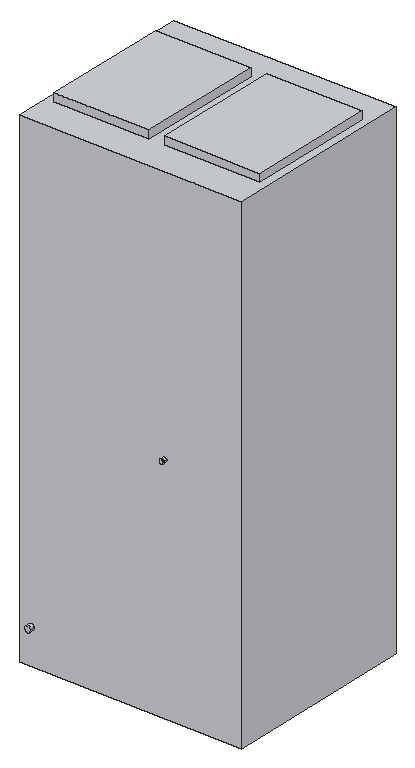
Revit family "HVAC_SPVU_AlliedAir_MGE4", category Mechanical Equipment, Revit 2018
Family settings
  Round Connector Dimension = Use Radius
  Part Type = Normal
  OmniClass Number = 23.75.00.00
  OmniClass Title = Climate Control (HVAC)
  Work Plane-Based = Yes
  Always vertical = Yes
  Cut with Voids When Loaded = No
  Shared = No
  Room Calculation Point = No
Parameters
  gasrad [instance] = Gas Connection Diameter / 2  # 0' - 0 1/4"
  exhaustrad = Exhaust Air Diameter / 2  # 0' - 1 1/4"
  drainrad = Condensate Connection Diameter / 2  # 0' - 0 3/8"
  Warranty Duration (Years) = 0
  Voltage Range = "as Specified"
  Unit Width = 2' - 4"
  Unit Weight = 0
  Unit Height = 4' - 9 7/8"
  Unit Depth = 2' - 0 1/4"
  URL = "http://www.magic-pak.com/"
  Temperature Rise Range = "as Specified"
  Standards Conformance = "as Specified"
  Specification = "http://www.arcat.com/sdspecs/htm/15700aae.htm"
  SpecWizard = ""
  Sound Pressure = "as Specified"
  Send Message = "http://www.arcat.com/users.pl?action=UserEmail&amp;company=Magic-Pak&amp;coid=46691&amp;rep=141&amp;fax=&amp;mf=95"
  Sales Information = "http://www.magic-pak.com/contact.php"
  Revision = "R2_2015-02"
  Refrigerant Used = "R410A"
  Product Properties = ""
  Product Data = "http://www.arcat.com/arcatcos/cos9546/arc46691.html"
  Platform Height [instance] = 0' - 4"
  Piping_Max Operating Pressure = 0.50 psi
  Model = "as Specified"
  Manufacturer Website = "http://www.magic-pak.com/"
  Manufacturer Phone - Toll Free = "800-448-5872"
  Manufacturer Phone = ""
  Manufacturer Fax = ""
  Manufacturer Address = "215 Metropolitan Dr.  West Columbia, SC 29170"
  Manufacturer = "Magic-Pak"
  Maintenance Schedule (Months) = 0
  Keynote = "15700"
  Installation-Fabrication = ""
  Installation Phase = ""
  HVAC_Cooling Capacity = 0.0 Btu/h
  HVAC_BTU Output = 0.0 Btu/h
  HVAC_BTU Input = 0.0 Btu/h
  Green Building-LEED = ""
  Gas Connection Diameter = 0' - 0 1/2"
  Expected Lifespan (Years) = 0
  Exhaust Air CL Elevation = 2' - 1.59696"
  Exhaust Air Diameter = 0' - 2 1/2"
  Electrical_Voltage = 230 V
  Electrical_Phase = 1
  Electrical_Frequency = 60 Hz
  Electrical_Amperage = 0 A
  Efficiency Ratings = "as Specified"
  Duct Size_W = 12"
  Duct Size_H = 16"
  Drawn By = "Sumex Design, Inc. / Robert S. Weygant, CSI, CDT, SCIP"
  Description = "Magic-Pak Ducted Heating and Cooling Unit as Specified"
  Default Elevation = 0' - 0"
  Copyright = "©Arcat Inc."
  Construction Details = ""
  Condensate Connection Diameter = 0' - 0 3/4"
  Assembly Code = "D3050100"
  Air Flow = 0 CFM
Reference planes (in)
  plane 1 "Center (Front/Back)": y = 0
  plane 2 "Bottom": z = 0
  plane 3 "Center (Left/Right)": x = 0
  plane 4 "Front": y = -12.125
  plane 5 "Back": y = 12.125
  plane 6 "Left": x = -14
  plane 7 "Right": x = 14
  plane 8 "Top": z = 61.875
  plane 9: z = 28.875
  plane 10: z = 22.875
  plane 11: z = 4
Forms (in)
  Extrusion 1, solid
    sketch origin (0, 0, 0) x (1, 0, 0) y (0, 0, 1)
      loop
        line (-14, 0) -> (14, 0) -> (14, 22.875) -> (-14, 22.875) -> (-14, 0)
    from -12.125 to 12.125
  Extrusion 2, solid
    sketch origin (0, 0, 0) x (1, 0, 0) y (0, 0, 1)
      loop
        line (-14, 28.875) -> (14, 28.875) -> (14, 61.875) -> (-14, 61.875) -> (-14, 28.875)
    from -12.125 to 12.125
  Extrusion 3, solid
    sketch origin (0, 0, 0) x (1, 0, 0) y (0, 1, 0)
      loop
        line (-14, 12.125) -> (-14, -12.125) -> (14, -12.125) -> (14, 12.125) -> (13, 12.125) -> (13, 7.625) -> (-13, 7.625) -> (-13, 12.125) -> (-14, 12.125)
    from 22.875 to 28.875
  Extrusion 4, solid
    sketch origin (-43.59721, -180, 61.875) x (-1, 0, 0) y (0, -1, 0)
      loop
        line (-56.59721, -172) -> (-56.59721, -188) -> (-44.59721, -188) -> (-44.59721, -172) -> (-56.59721, -172)
      loop
        line (-42.59721, -172) -> (-42.59721, -188) -> (-30.59721, -188) -> (-30.59721, -172) -> (-42.59721, -172)
    from 0 to 1
  Extrusion 5, solid
    sketch origin (-11.94222, -12.125, 48) x (-1, 0, 0) y (0, 0, 1)
      loop
        circle (-16.19222, -18.75) r 0.25
    from 0 to -0.5
  Extrusion 6, solid
    sketch origin (-11.94222, -12.125, 48) x (-1, 0, 0) y (0, 0, 1)
      loop
        circle (0.68278, -43.625) r 0.375
    from 0 to -0.5
  Extrusion 7, solid
    sketch origin (-11.94222, 12.125, 48) x (-1, 0, 0) y (0, 0, 1)
      loop
        circle (-1.19222, -22.40304) r 1.25
    from 0 to -4.5
Cuts and joins
  joined: Extrusion 1, Extrusion 2, Extrusion 3
Dimensions and locks (in)
  equal spacing: plane 6 "Left", plane 3 "Center (Left/Right)", plane 7 "Right"
  "Unit Width": plane 6 "Left" to plane 7 "Right"
  equal spacing: plane 5 "Back", plane 1 "Center (Front/Back)", plane 4 "Front"
  "Unit Depth": plane 5 "Back" to plane 4 "Front"
  locked: plane 9 to plane 10 at 6
  locked: plane 8 "Top" to plane 9 at 33
  locked: plane 6 "Left" to Extrusion 3 sketch curve at 1
  locked: plane 5 "Back" to Extrusion 3 sketch curve at 4.5
  locked: Extrusion 3 sketch curve to plane 7 "Right" at 1
  plane 6 "Left" to Extrusion 4 sketch curve to Extrusion 4 sketch curve = 0' - 1" locked, 1' - 0" locked
  Extrusion 4 sketch curve to Extrusion 4 sketch curve to plane 7 "Right" = 1' - 0" locked, 0' - 1" locked
  locked: plane 5 "Back" to Extrusion 4 sketch curve at 4.125  (x2)
  locked: Extrusion 4 sketch curve to plane 4 "Front" at 4.125  (x2)
  locked: plane 8 "Top" to Extrusion 5 sketch curve at 32.625
  locked: plane 7 "Right" to Extrusion 5 sketch curve at 9.75
  "Gas Connection Diameter": Extrusion 5 sketch curve to Extrusion 5 sketch curve
  "Platform Height": plane 11 to level
  "Unit Height": plane 8 "Top" to plane 11
  "Condensate Connection Diameter": Extrusion 6 sketch curve to Extrusion 6 sketch curve
  locked: Extrusion 6 sketch curve to plane 6 "Left" at 1
  locked: plane 11 to Extrusion 6 sketch curve at 0
  "Exhaust Air CL Elevation": Extrusion 7 sketch curve to level
  "Exhaust Air Diameter": Extrusion 7 sketch curve to Extrusion 7 sketch curve
  locked: Extrusion 7 sketch curve to plane 6 "Left" at 3.25
  aligned and locked: Extrusion 3 sketch curve to plane 6 "Left"
  aligned and locked: Extrusion 3 sketch curve to plane 5 "Back"
  aligned and locked: plane 7 "Right" to Extrusion 3 sketch curve
  aligned and locked: plane 5 "Back" to Extrusion 3 sketch curve
  aligned and locked: Extrusion 3 sketch curve to plane 4 "Front"
  aligned and locked: plane 9 to Extrusion 3
  aligned and locked: Extrusion 3 to plane 10
  aligned and locked: plane 5 "Back" to Extrusion 1
  aligned and locked: Extrusion 1 to plane 4 "Front"
  aligned and locked: plane 10 to Extrusion 1
  aligned and locked: Extrusion 2 to plane 4 "Front"
  aligned and locked: plane 8 "Top" to Extrusion 2
  aligned and locked: plane 5 "Back" to Extrusion 2
  aligned and locked: Extrusion 7 to plane 5 "Back"
Automatic sketch dimensions
  Extrusion 1 sketch curve to plane 6 "Left" = 0' - 0"
  Extrusion 1 sketch curve to level = 0' - 0"
  Extrusion 1 sketch curve to plane 7 "Right" = 0' - 0"
  Extrusion 1 sketch curve to plane 10 = 0' - 0"
  Extrusion 2 sketch curve to plane 6 "Left" = 0' - 0"
  Extrusion 2 sketch curve to plane 7 "Right" = 0' - 0"
  Extrusion 2 sketch curve to plane 9 = 0' - 0"
  Extrusion 2 sketch curve to plane 8 "Top" = 0' - 0"
Connectors (in)
  hvac at (7, 0, 62.875), driven by "Duct Size_H", driven by "Duct Size_W"
    settings: on Extrusion 4, index 1, duct flow 0 CFM, flow factor 0, pres drop 0.00 in-wg, loss coef 0, conn angle 0.00°, conn width 12", conn height 16", conn diameter 24", duct sys type 1, conn prof type 1, flow config 0, flow direction 2, loss method 0, conn ref index -1, conn util no, is conn primary yes, conn desc ""
  hvac at (-7, 0, 62.875), driven by "Duct Size_H", driven by "Duct Size_W"
    settings: on Extrusion 4, index 2, duct flow 0 CFM, flow factor 0, pres drop 0.00 in-wg, loss coef 0, conn angle 0.00°, conn width 12", conn height 16", conn diameter 24", duct sys type 2, conn prof type 1, flow config 0, flow direction 1, loss method 0, conn ref index -1, conn util no, is conn primary no, conn desc ""
  electrical at (0, 0, 61.875), driven by "Electrical_Voltage"
    settings: on cut or joined group of Extrusion 1, Extrusion 2, Extrusion 3, index 3, voltage 230 V, apparent load 0 VA, apparent load phase1 0 VA, apparent load phase2 0 VA, apparent load phase3 0 VA, power factor 1, load classification "Other", number of poles 1, system type 31, power factor state 1, is connector primary yes, connector utility no, sub classification motor no, connector description ""
  piping at (4.25, -12.125, 29.25), diameter 0.5, driven by "gasrad"
    settings: on Extrusion 5, index 4, connector inside diameter 1/2", connector length 0' - 0", flow factor 0, pipe flow 0 GPM, pressure drop 0.00 psi, fitting loss kfactor 0, connector angle 0.00°, fixture units 0, engagement length 0' - 0", angle of deflection 0.00°, flow configuration 0, flow direction 0, fitting loss method 0, system type 29, joint type 0, gender type 0, connector reference index -1, connector utility 0, adjustable connector no, is connector primary yes, connector description "Gas Connection"
  piping at (-12.625, -12.125, 4.375), diameter 0.75, driven by "drainrad"
    settings: on Extrusion 6, index 5, connector inside diameter 3/4", connector length 0' - 0", flow factor 0, pipe flow 0 GPM, pressure drop 0.00 psi, fitting loss kfactor 0, connector angle 0.00°, fixture units 0, engagement length 0' - 0", angle of deflection 0.00°, flow configuration 0, flow direction 0, fitting loss method 0, system type 16, joint type 0, gender type 0, connector reference index -1, connector utility 0, adjustable connector no, is connector primary no, connector description ""
  hvac at (-10.75, 12.125, 25.59696), driven by "exhaustrad"
    settings: on Extrusion 7, index 6, duct flow 0 CFM, flow factor 0, pres drop 0.00 in-wg, loss coef 0, conn angle 0.00°, conn width 12", conn height 12", conn diameter 2 1/2", duct sys type 3, conn prof type 0, flow config 0, flow direction 2, loss method 0, conn ref index -1, conn util no, is conn primary no, conn desc ""
